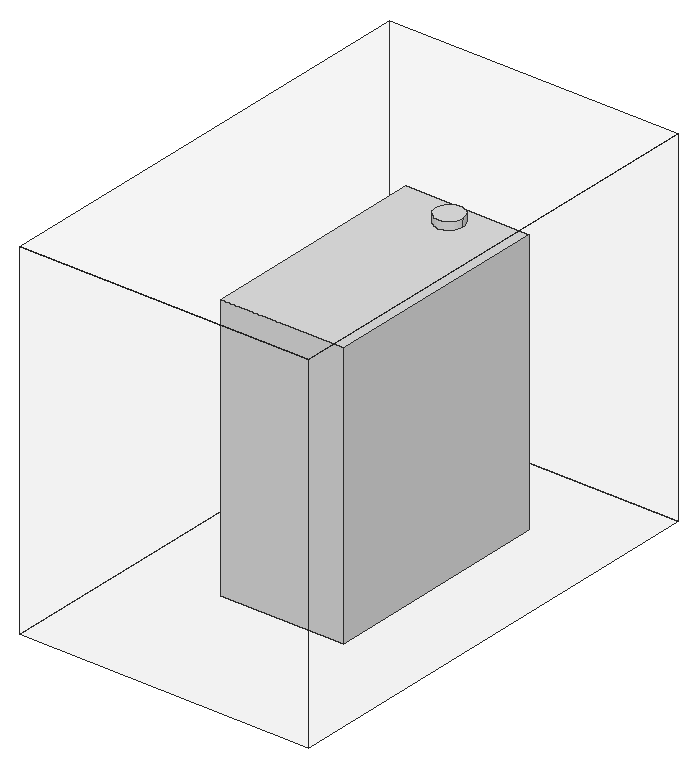
Revit family "1354887957SUPAflo_SF62_LOD200", category Mechanical Equipment, Revit 2014
Parameters (values of type "SF62")
  Weekly = ""
  Water Treatment Required = yes
  Water Content = 31.00 L
  Warranty ID = ""
  WRAS Approval = "1011037"  # constant formula
  Voltage = 230 V  # constant formula
  URL = "http://www.andrewswaterheaters.co.uk/index.htm"
  Type = "Direct Gas Fired Instaneous Water Heater"  # constant formula
  Text Material = Paint - Black
  Supply Phase = "Single Phase"  # constant formula
  Starting Current = 1.75 A  # constant formula
  Standing Loss W = "0.18"
  Sound Pressure Level dBA = "59"
  Siphon Bush Pipe Diameter = 19.000 mm
  Shipping Weight = 360.00 kg
  Shape = "Rectangular (Horizontal)"  # constant formula
  Secondary Return Connection Type = "Other"  # constant formula
  Secondary Return Connection Size = 0.000 mm  # constant formula
  Safety Valve Connection Type = "Other"  # constant formula
  Safety Valve Connection Size = 0.000 mm  # constant formula
  Responsible Sourcing of Materials = ""
  Responsible Extraction Of Material = ""
  Reference Standard = "BSE 26"  # constant formula
  Recovery Rate litre/min = "54"
  Rated Output kW = "61"
  Rated Criteria = "80/60"  # constant formula
  Quarterly = ""
  Product Range = "SUPAflo Range"  # constant formula
  Product Model Number = "1011037"
  Product Literature = "http://www.andrewswaterheaters.co.uk/downloads/Product_range_guide.pdf"
  Overall Width [instance] = 670.000 mm
  Overall Length [instance] = 1260.000 mm
  Overall Height [instance] = 1440.000 mm  # constant formula
  Oil Consumption Rate l/h = ""
  O&M Manual = "http://www.andrewswaterheaters.co.uk/literature-library/current-products.htm"
  Nominal Oil Inlet Pressure mbar = "0"  # constant formula
  Nominal Gas Inlet Pressure = "21 mbar"  # constant formula
  NOx Emissions mg = 35 kWh  # constant formula
  Mounting = "Floor Standing"  # constant formula
  Monthly = ""
  Model = "SF62"
  Minimum Power Consumption = 380 W
  Minimum Oil Inlet Pressure mbar = "0"  # constant formula
  Minimum Gas Inlet Pressure mbar = "18"  # constant formula
  Min Operating Pressure = 1.00 bar  # constant formula
  Maximum Water Temperature = 75 °C
  Maximum Power Consumption = 35 W
  Maximum Oil Inlet Pressure mbar = "0"  # constant formula
  Maximum Gas Inlet Pressure mbar = "50"  # constant formula
  Max Operating Pressure When Unvented = 3.50 bar  # constant formula
  Max Operating Pressure When Open Vented = 6.00 bar  # constant formula
  Material Ingredient Reporting = ""
  Manufacturer = "Andrews Water Heaters"  # constant formula
  Maintenance Required 8001-12000hrs = ""
  Maintenance Required 601-1000hrs = ""
  Maintenance Required 40001-8000hrs = ""
  Maintenance Required 301-600hrs = ""
  Maintenance Required 2001-4000hrs = ""
  Maintenance Required 1001-2000hrs = ""
  Maintenance Required 0-300hrs = ""
  Location of Manufacturer-GridRef = ""
  Life Cycle Analysis = ""
  Interlocks = yes
  Insulation Type = "Integral Thermal Insulation"  # constant formula
  Insulation Thickness = 0.000 mm  # constant formula
  Instrument Box Panel = Metal - Polished Silver
  IP Rating = "20"  # constant formula
  IK Rating = "1.75"  # constant formula
  Heating Circuit Flow Diameter = 32.000 mm
  Heater Operation = "Fully Condensing"  # constant formula
  Heat Up Time mins = "1"
  Heat Generator Thermal Efficiency = 1.06  # 106%
  Heat Generator Load Profile = ""
  Heat Generator Efficiency = "98%"  # constant formula
  Heat Exchanger Material = Stainless Steel
  Gross Weight = 295.00 kg
  Gross Input = "194 kW"
  Green Guide for Specification = ""
  Gas Consumption rate = 17.8 m³/h
  Gas Connection Pipe Diameter = 19.000 mm
  Fuse Rating = 200 A
  Full Load Current = 10 A  # constant formula
  Fuel Type = "Gas - NG"  # constant formula
  Fuel Connection Size = 25.400 mm
  Frequency = 50 Hz  # constant formula
  Flue or Air Intake Classification = "B23, C33, C43, C53, C63 & C83"  # constant formula
  Flue Connection Type = "Socket"  # constant formula
  Flue Connection Standard = "150mm"  # constant formula
  Flow and Return Connection Type = "Threaded"  # constant formula
  Flow and Return Connection Size = 50.800 mm  # constant formula
  Finish = "Powder Coated Steel"  # constant formula
  Features = "Premix Forced Draught Condensing Water Heaterr"  # constant formula
  External Material = Steel
  Expected Life = ""
  ErP Energy Label ERP = ""
  Environmental Product Declaration = ""
  Energy Technology List ETL = ""
  Embodied Carbon kgCO2e = ""
  Drain Connection Type = "Other"  # constant formula
  Drain Connection Size = 0.000 mm  # constant formula
  Description = "Condensing Boiler"  # constant formula
  Default Elevation = 0.000 mm  # constant formula
  Daily = ""
  Control Type = "Internal"  # constant formula
  Control ThermostatRange = 40 °C
  Control Thermostat Range Note = "40°C - 75°C"  # constant formula
  Control Options = "Modulating"  # constant formula
  Continuous Output at 50 Degree Differential l/h = "3240"
  Continuous Output at 44 Degree Differential l/h = "3700"
  Configuration = "Single Boiler"  # constant formula
  Condensate Drain Type = "Plain"  # constant formula
  Condensate Drain Size = 22.000 mm  # constant formula
  Colour = "Blue (RAL 5011) & White (RAL 9016)"  # constant formula
  Clearence Box = Glass - Clear - Amber
  Clearance Box Visibility [instance] = yes
  Clean Out and Inspection Opening Type = "Other"  # constant formula
  Clean Out Cover and Inspection Opening Size = ""
  CE Approval = "Yes - 0063BS3840"  # constant formula
  Burner Control Type = "Modulating"  # constant formula
  Bespoke Timeframe = ""
  BMS Links = yes
  Assembly Code = "D3020100"
  Annually = "As per attached URL O & M Manual"  # constant formula
  Air Supply = yes
  Air Intake Connector = "Air Intake Connection"  # constant formula
  Air Inlet Connection Size = 130.000 mm  # constant formula
  Access Clearance Top = 450.000 mm  # constant formula
  Access Clearance Right = 450.000 mm  # constant formula
  Access Clearance Rear = 450.000 mm  # constant formula
  Access Clearance Left = 450.000 mm  # constant formula
  Access Clearance Front = 800.000 mm  # constant formula
  Access Clearance Bottom = 0.000 mm  # constant formula
  6 Monthly = ""
Reference planes
  plane 1 "Center (Front/Back)": y = 0
  plane 2: z = 0
  plane 3 "Center (Left/Right)": x = 0
  plane 4: z = 0
  plane 5: x = -335
  plane 6: x = 335
  plane 7: y = 630
  plane 8: y = -630
  plane 9: z = 1440
  plane 10: z = 720
  plane 11: z = 1890
  plane 12: z = 0
  plane 13: x = -785
  plane 14: x = 785
  plane 15: y = 1080
  plane 16: y = -1430
Forms (mm)
  Sweep 1, solid, material "Glass - Clear - Amber" <- "Clearence Box", visible <- "Clearance Box Visibility"
    path origin (-479.663, 637.513, 1117.176) x (1, 0, 0) y (0, 0, 1)
      loop
        line (479.663, 772.824) -> (479.663, -1117.176)
    profile origin (0, 637.513, 945) x (0, -1, 0) y (1, 0, 0)
      loop
        line (-442.487, -785) -> (2067.513, -785) -> (2067.513, 785) -> (-442.487, 785) -> (-442.487, -785)
Dimensions and locks
  equal spacing: plane 7, plane 1 "Center (Front/Back)", plane 8
  "Overall Length": plane 7 to plane 8
  equal spacing: plane 5, plane 3 "Center (Left/Right)", plane 6
  "Overall Width": plane 5 to plane 6
  "Overall Height": plane 9 to level
  equal spacing: plane 9, plane 10, level
  "Access Clearance Top": plane 11 to plane 9
  "Access Clearance Bottom": level to plane 12
  "Access Clearance Left": plane 5 to plane 13
  "Access Clearance Right": plane 6 to plane 14
  "Access Clearance Front": plane 16 to plane 8
  "Access Clearance Rear": plane 15 to plane 7
  aligned and locked: level to plane 2
  aligned and locked: plane 11 to Sweep 1 sketch curve
  aligned and locked: plane 12 to Sweep 1 sketch curve
  aligned and locked: Sweep 1 sketch curve to plane 3 "Center (Left/Right)"
  aligned and locked: Sweep 1 sketch curve to plane 13
  aligned and locked: Sweep 1 sketch curve to plane 16
  aligned and locked: plane 14 to Sweep 1 sketch curve
  aligned and locked: nested 1 to plane 7
  aligned and locked: plane 3 "Center (Left/Right)" to nested 1
  aligned and locked: Sweep 1 sketch curve to plane 15
Nested families
  nested 1: "1354887962SUPAflo_SF62_LOD200" at (0, 630, 0), type "1354887962SUPAflo_SF62_LOD200"
Connectors
  electrical at (212, 632, 1410), driven by "Voltage", driven by "Maximum Power Consumption"
    settings: on nested 1, index 1, voltage 230 V, apparent load 35 VA, apparent load phase1 0 VA, apparent load phase2 0 VA, apparent load phase3 0 VA, power factor 1, load classification "Power", number of poles 1, system type 30, power factor state 1, is connector primary yes, connector utility yes, sub classification motor no, connector description "Electrical Connection"
  piping at (-225, 703, 1120), diameter 125
    settings: on nested 1, index 2, connector inside diameter 609.600 mm, connector length 0.000 mm, flow factor 0, pipe flow 0 GPM, pressure drop 0.00 bar, fitting loss kfactor 0, connector angle 0.00°, fixture units 0, engagement length 0.000 mm, angle of deflection 0.00°, flow configuration 0, flow direction 1, fitting loss method 0, system type 7, joint type 0, gender type 0, connector reference index -1, connector utility 1, adjustable connector no, is connector primary yes, connector description "Air Intake"
  piping at (129.914, 743, 903), diameter 50.8
    settings: on nested 1, index 4, connector inside diameter 609.600 mm, connector length 0.000 mm, flow factor 0, pipe flow 0 GPM, pressure drop 0.00 bar, fitting loss kfactor 0, connector angle 0.00°, fixture units 0, engagement length 0.000 mm, angle of deflection 0.00°, flow configuration 0, flow direction 1, fitting loss method 0, system type 7, joint type 0, gender type 0, connector reference index -1, connector utility 1, adjustable connector no, is connector primary no, connector description "Water Supply"
  piping at (259.603, 681.5, 1175), diameter 19.05
    settings: on nested 1, index 5, connector inside diameter 609.600 mm, connector length 0.000 mm, flow factor 0, pipe flow 0 GPM, pressure drop 0.00 bar, fitting loss kfactor 0, connector angle 0.00°, fixture units 0, engagement length 0.000 mm, angle of deflection 0.00°, flow configuration 0, flow direction 1, fitting loss method 0, system type 7, joint type 0, gender type 0, connector reference index -1, connector utility 1, adjustable connector no, is connector primary no, connector description "Gas supply"
  piping at (129.914, 742, 490.041), diameter 50.8
    settings: on nested 1, index 6, connector inside diameter 609.600 mm, connector length 0.000 mm, flow factor 0, pipe flow 0 GPM, pressure drop 0.00 bar, fitting loss kfactor 0, connector angle 0.00°, fixture units 0, engagement length 0.000 mm, angle of deflection 0.00°, flow configuration 0, flow direction 2, fitting loss method 0, system type 8, joint type 0, gender type 0, connector reference index -1, connector utility 1, adjustable connector no, is connector primary no, connector description "Water Return"
  piping at (0.676, 502.5, 1479.95), diameter 150
    settings: on nested 1, index 7, connector inside diameter 609.600 mm, connector length 0.000 mm, flow factor 0, pipe flow 0 GPM, pressure drop 0.00 bar, fitting loss kfactor 0, connector angle 0.00°, fixture units 0, engagement length 0.000 mm, angle of deflection 0.00°, flow configuration 0, flow direction 2, fitting loss method 0, system type 8, joint type 0, gender type 0, connector reference index -1, connector utility 1, adjustable connector no, is connector primary no, connector description "Flue Gas Outlet"
Definition of nested family "1354887962SUPAflo_SF62_LOD200"
  Parameters (values of type "1354887962SUPAflo_SF62_LOD200")
    Weight (Full) (kg) = 376
    URL = "http://www.andrewswaterheaters.co.uk/products_details.php?product=supaflo"
    Power Consumption (W) = 200
    Model = "SUPAflo SF62"
    Manufacturer = "Andrews Water Heaters"
    Hot Water Recovery (Thru 50ºC) (Litres/Hour) = 3250
    Efficiency (Gross) (%) = 93.6
    Description = "Condensing Water Heater"
  Reference planes
    plane 1 "Center (Front/Back)": y = 0
    plane 2: z = 0
    plane 3 "Center (Left/Right)": x = 0
    plane 4: y = 0
  Forms (mm)
    Revolve 1, solid, material "Andrews SUPAflo - Body"
      sketch origin (0.676, 0, 1175) x (1, 0, 0) y (0, 1, 0)
        loop
          line (258.927, 51.5) -> (258.927, -2) -> (271.427, -2) -> (271.427, 51.5) -> (258.927, 51.5)
        axis (258.927, 51.5) -> (258.927, -2)
      angle from 0 to 360
    Revolve 2, solid, material "Andrews SUPAflo - Body"
      sketch origin (-1.502, 0, 1130) x (1, 0, 0) y (0, 1, 0)
        loop
          line (-148.498, 73) -> (-223.498, 73) -> (-223.498, -2) -> (-148.498, -2) -> (-148.498, 73)
        axis (-223.498, 73) -> (-223.498, -2)
      angle from 0 to 360
    Revolve 3, solid, material "Andrews SUPAflo - Body"
      sketch origin (0.676, 0, 610.9) x (1, 0, 0) y (0, 1, 0)
        loop
          line (-129.998, 119) -> (-129.998, 83) -> (-129.998, -2) -> (-104.998, -2) -> (-104.998, 119) -> (-129.998, 119)
        axis (-129.998, 119) -> (-129.998, -2)
      angle from 0 to 360
    Revolve 4, solid, material "Andrews SUPAflo - Body"
      sketch origin (129.914, 0, 2) x (0, 1, 0) y (0, 0, 1)
        loop
          line (-2, 926) -> (-2, 901) -> (113, 901) -> (113, 926) -> (-2, 926)
        axis (113, 901) -> (-2, 901)
      angle from 0 to 360
    Revolve 5, solid, material "Andrews SUPAflo - Body"
      sketch origin (129.914, 0, -410.959) x (0, 1, 0) y (0, 0, 1)
        loop
          line (-2, 926) -> (-2, 901) -> (113, 901) -> (113, 926) -> (-2, 926)
        axis (113, 901) -> (-2, 901)
      angle from 0 to 360
    Extrusion 6, solid, material "Andrews SUPAflo - Body"
      sketch origin (0, 0, 0) x (1, 0, 0) y (0, 1, 0)
        loop
          line (-335, -1260) -> (335, -1260) -> (335, -2) -> (-335, -2) -> (-335, -1260)
      from 0 to 1440
    Extrusion 7, solid, material "Andrews SUPAflo - Body"
      sketch origin (0, 0, 0) x (1, 0, 0) y (0, 1, 0)
        loop
          circle (0.676, -127.5) r 75
      from 1440 to 1479.95
  Cuts and joins
    joined: Revolve 1, Revolve 2, Revolve 3, Revolve 4, Revolve 5, Extrusion 6, Extrusion 7
  Dimensions and locks
    aligned and locked: level to plane 2
